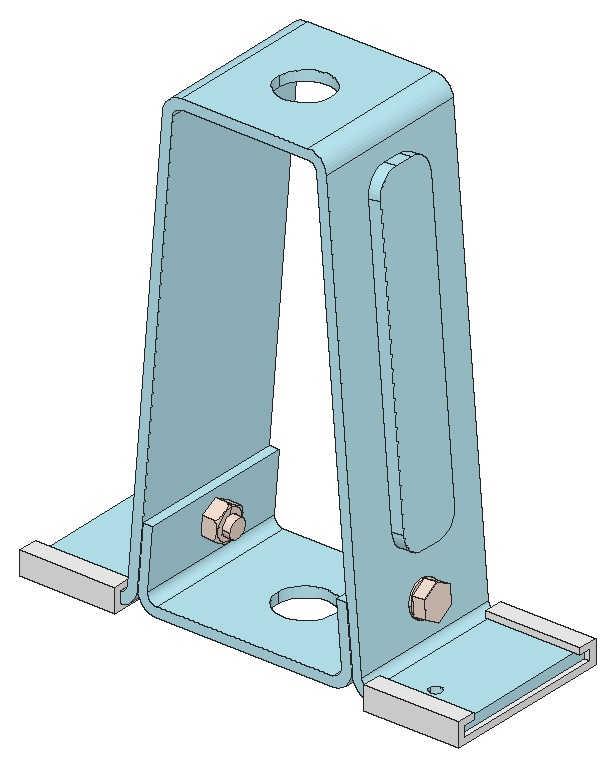
Revit family "standardstand_h150", category 機械設備, Revit 2022
Family settings
  丸型コネクタ寸法 = 直径を使用
  種別 = なし
  パーツ タイプ = 標準
  作業面ベース = いいえ
  常に垂直 = はい
  ロード時にボイドで切り取り = いいえ
  注釈の向きを維持 = いいえ
  共有 = いいえ
  部屋計算ポイント = いいえ
Parameters
  製造元 = "株式会社桐井製作所"
  既定の高さ = 0 mm
  URL = "https://www.kirii.co.jp/"
  K_表面処理 = "Z12以上"
  K_材質 = "溶融亜鉛めっき鋼板及び鋼帯及び鋼帯 JIS G 3302"
  K_名称 = "スタンド(スタンダードタイプ用)H=150"
  K_単位質量(kg/個) = 0.666
  K_備考 = "ボルト長さ400mmまで対応"
  K_バージョン情報 = "20221219"
Reference planes
  plane 1 "中心(正面/背面)": y = 0
  plane 2: z = 0
  plane 3 "中心(左/右)": x = 0
Forms (mm)
  Extrusion 1, solid
    sketch origin (0, 0, 0) x (1, 0, 0) y (0, 0, 1)
      loop
        line (-33.933, 7.52) -> (-22.81, 146.225)
        arc (-22.81, 146.225) -> (-21.918, 148.058) -> (-20.019, 148.801) r 2.8
        line (-20.019, 148.801) -> (20.015, 148.801)
        arc (20.015, 148.801) -> (21.916, 148.057) -> (22.806, 146.22) r 2.8
        line (22.806, 146.22) -> (33.946, 7.52)
        arc (33.946, 7.52) -> (35.857, 3.591) -> (39.927, 2) r 6
        line (39.927, 2) -> (67.5, 2) -> (67.5, 5.2) -> (39.927, 5.2)
        arc (39.927, 5.2) -> (38.027, 5.942) -> (37.135, 7.776) r 2.8
        line (37.135, 7.776) -> (26.006, 146.471)
        arc (26.006, 146.471) -> (24.088, 150.406) -> (20.015, 152.001) r 6
        line (20.015, 152.001) -> (-20.019, 152.001)
        arc (-20.019, 152.001) -> (-24.089, 150.41) -> (-26, 146.48) r 6
        line (-26, 146.48) -> (-37.123, 7.776)
        arc (-37.123, 7.776) -> (-38.015, 5.943) -> (-39.914, 5.2) r 2.8
        line (-39.914, 5.2) -> (-67.5, 5.2) -> (-67.5, 2) -> (-39.914, 2)
        arc (-39.914, 2) -> (-35.844, 3.591) -> (-33.933, 7.52) r 6
    from -25 to 25
  Extrusion 2, solid
    sketch origin (0, 0, 0) x (0, 1, 0) y (0, 0, 1)
      loop
        line (-21, 7.4) -> (-27, 7.4) -> (-27, 0) -> (27, 0) -> (27, 7.4) -> (21, 7.4) -> (21, 5.4) -> (25, 5.4) -> (25, 2) -> (-25, 2) -> (-25, 5.4) -> (-21, 5.4) -> (-21, 7.4)
    from -69.5 to -39.5
  Extrusion 3, solid
    sketch origin (99, 0, 0) x (0, 1, 0) y (0, 0, 1)
      loop
        line (-21, 7.4) -> (-27, 7.4) -> (-27, 0) -> (27, 0) -> (27, 7.4) -> (21, 7.4) -> (21, 5.4) -> (25, 5.4) -> (25, 2) -> (-25, 2) -> (-25, 5.4) -> (-21, 5.4) -> (-21, 7.4)
    from -59.5 to -29.5
  Extrusion 4, void
    sketch origin (0, -0.938, 0) x (1, 0, 0) y (0, 1, 0)
      loop
        circle (0, 0) r 8.5
    from 148.801 to 152.001
  Extrusion 5, solid
    sketch origin (0, 0, 0) x (1, 0, 0) y (0, 0, 1)
      loop
        line (-29.141, 27.244) -> (-32.331, 27.5) -> (-33.856, 8.48)
        arc (-33.856, 8.48) -> (-32.284, 3.93) -> (-27.875, 2) r 6
        line (-27.875, 2) -> (27.888, 2)
        arc (27.888, 2) -> (32.297, 3.931) -> (33.869, 8.48) r 6
        line (33.869, 8.48) -> (32.342, 27.5) -> (29.153, 27.244) -> (30.679, 8.224)
        arc (30.679, 8.224) -> (29.945, 6.101) -> (27.888, 5.2) r 2.8
        line (27.888, 5.2) -> (-27.875, 5.2)
        arc (-27.875, 5.2) -> (-29.933, 6.101) -> (-30.666, 8.224) r 2.8
        line (-30.666, 8.224) -> (-29.141, 27.244)
    from -25 to 25
  Extrusion 6, void
    sketch origin (-22.473, 0, 2.238) x (0, 1, 0) y (-0.079851, 0, -0.996807)
      loop
        circle (0, -15.811) r 3.5
    from 11.844 to 15.044
  Extrusion 7, void
    sketch origin (-19.276, 0, 2.065) x (0, 1, 0) y (-0.079851, 0, -0.996807)
      loop
        circle (0, -15.811) r 3.5
    from 11.844 to 15.044
  Extrusion 8, void
    sketch origin (22.473, 0, 2.238) x (0, 1, 0) y (-0.079851, 0, 0.996807)
      loop
        circle (0, 15.811) r 3.5
    from 11.844 to 15.044
  Extrusion 9, void
    sketch origin (19.276, 0, 2.065) x (0, 1, 0) y (-0.079851, 0, 0.996807)
      loop
        circle (0, 15.811) r 3.5
    from 11.844 to 15.044
  Extrusion 10, solid
    sketch origin (-7.421, 0, -2.469) x (0, 1, 0) y (0.079934, 0, 0.9968)
      loop
        arc (10, 134.18) -> (7.95, 139.13) -> (3, 141.18) r 7
        line (3, 141.18) -> (-3, 141.18)
        arc (-3, 141.18) -> (-7.95, 139.13) -> (-10, 134.18) r 7
        line (-10, 134.18) -> (-10, 41.821)
        arc (-10, 41.821) -> (-7.95, 36.871) -> (-3, 34.821) r 7
        line (-3, 34.821) -> (3, 34.821)
        arc (3, 34.821) -> (7.95, 36.871) -> (10, 41.821) r 7
        line (10, 41.821) -> (10, 134.18)
    from -34.425 to -30.425
  Extrusion 11, solid
    sketch origin (7.421, 0, -2.469) x (0, 1, 0) y (0.079934, 0, -0.9968)
      loop
        line (10, -134.18) -> (10, -41.821)
        arc (10, -41.821) -> (7.95, -36.871) -> (3, -34.821) r 7
        line (3, -34.821) -> (-3, -34.821)
        arc (-3, -34.821) -> (-7.95, -36.871) -> (-10, -41.821) r 7
        line (-10, -41.821) -> (-10, -134.18)
        arc (-10, -134.18) -> (-7.95, -139.13) -> (-3, -141.18) r 7
        line (-3, -141.18) -> (3, -141.18)
        arc (3, -141.18) -> (7.95, -139.13) -> (10, -134.18) r 7
    from -34.425 to -30.425
  Extrusion 12, void
    sketch origin (0, 0, 0) x (1, 0, 0) y (0, 1, 0)
      loop
        circle (-52.5, 15) r 2
      loop
        circle (52.5, -15) r 2
    from 0 to 5.4
  Extrusion 13, void
    sketch origin (0, 0, 0) x (1, 0, 0) y (0, 1, 0)
      loop
        circle (0, -0.937) r 8.9
    from 2 to 5.2
Cuts and joins
  Extrusion 4, Extrusion 6, Extrusion 7, Extrusion 8, Extrusion 12 cuts Extrusion 1
  Extrusion 12 cuts Extrusion 10
  Extrusion 12 cuts Extrusion 11
  joined: Extrusion 1, Extrusion 10, Extrusion 11
  Extrusion 7, Extrusion 9, Extrusion 13 cuts Extrusion 5
  Extrusion 12 cuts Extrusion 2
  Extrusion 12 cuts Extrusion 3
Dimensions and locks
  aligned and locked: level to plane 2
Nested families
  nested 1: "M10×25ボルト" at (-41.19, 0, 19.681) x (0, -1, 0) z (0.0799, 0, 0.9968), type "M10×25ボルト"
  nested 2: "M10×25ボルト" at (41.19, 0, 19.681) x (0, -1, 0) z (-0.0799, 0, 0.9968), type "M10×25ボルト"
  nested 3: "ナット(床)" at (-29.807, 0.027, 18.935) x (0.0799, 0, 0.9968) z (0.9968, 0, -0.0799), type "ナット(床)"
  nested 4: "ナット(床)" at (29.819, 0.027, 18.936) x (-0.08, 0, 0.9968) z (-0.9968, 0, -0.08), type "ナット(床)"
Definition of nested family "M10×25ボルト"
  Parameters (values of type "M10×25ボルト")
    Manufacturer = "株式会社桐井製作所"
    Default Elevation = 0 mm
    URL = "https://www.kirii.co.jp/"
    K_材料規格 = "M10×L25"
    K_品名 = "M10×25ボルト"
    K_名称 = "M10×25ボルト"
  Reference planes
    plane 1 "中心(正面/背面)": y = 0
    plane 2: z = 0
    plane 3 "中心(左/右)": x = 0
    plane 4 "正面": y = -4
    plane 5: z = 6.928
    plane 6: z = -6.928
  Forms (mm)
    Extrusion 1, solid
      sketch origin (0, 0, 0) x (1, 0, 0) y (0, 0, 1)
        loop
          line (4.98, 2.875) -> (0, 5.75) -> (-4.98, 2.875) -> (-4.98, -2.875) -> (0, -5.75) -> (4.98, -2.875) -> (4.98, 2.875)
      from 0 to 4
    Extrusion 2, solid
      sketch origin (0, 0, 25.676) x (1, 0, 0) y (0, 0, 1)
        loop
          circle (0, -25.676) r 3
      from 4 to 19
    Extrusion 3, solid
      sketch origin (0, 0, 0) x (1, 0, 0) y (0, 0, 1)
        loop
          circle (0, 0) r 5.5
        loop
          circle (0, 0) r 3
      from 4 to 5
  Cuts and joins
    joined: Extrusion 1, Extrusion 2
  Lines and regions (mm)
    model lines
      curve 1: circle (0, 0, 0) r 3 normal (0, -1, 0)
  Dimensions and locks
    aligned and locked: level to plane 2
Definition of nested family "ナット(床)"
  Parameters (values of type "ナット(床)")
    Default Elevation = 1219.2 mm
  Reference planes
    plane 1 "中心(正面/背面)": y = 0
    plane 2: z = 0
    plane 3 "中心(左/右)": x = 0
  Forms (mm)
    Extrusion 1, solid
      sketch origin (0, 0, 0) x (1, 0, 0) y (0, 1, 0)
        loop
          line (-55, 45) -> (-55, -45.273) -> (55.986, -45.273) -> (55.986, 45) -> (-55, 45)
      from 0 to -304.8
    Revolve 2, solid
      sketch origin (0, 0, 2.36) x (1, 0, 0) y (0, 0, 1)
        loop
          line (4.792, 2.64) -> (3, 2.64) -> (3, -2.36) -> (5.818, -2.36) -> (5.818, 1.64)
          arc (5.818, 1.64) -> (5.516, 2.356) -> (4.792, 2.64) r 1
        axis (0, 2.64) -> (0, -2.36)
      angle from 0 to 360
    Extrusion 3, void
      sketch origin (0, 0, 0) x (1, 0, 0) y (0, 1, 0)
        loop
          circle (0, 0) r 6
        loop
          line (5.818, 0) -> (2.909, 5.038) -> (-2.909, 5.038) -> (-5.818, 0) -> (-2.909, -5.038) -> (2.909, -5.038) -> (5.818, 0)
      from 0 to 5
  Cuts and joins
    Extrusion 3 cuts Revolve 2
  Dimensions and locks
    aligned and locked: plane 2 to Extrusion 1
    aligned and locked: level to Extrusion 1
